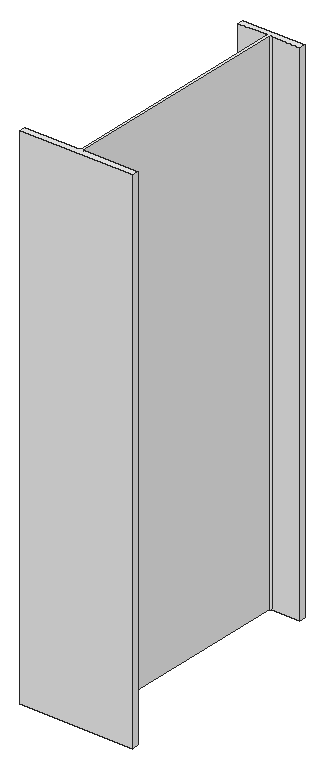
Revit family "WRF-용접 축소 플랜지-기둥", category 구조 기둥, Revit 2026
Family settings
  단면 모양 = 정의되지 않음
  모델 동작 재료 = 스틸
  항상 형상으로 내보내기 = 아니오
  평면의 보 전환 = 경계 상자에서
  로드될 때 보이드를 사용하여 절단 = 아니오
  기호 표현 = 프로젝트 설정에서
  공유 = 아니오
  평면도에서 미리 절단된 패밀리 표시 = 예
Parameters (values of type "WRF1200x309")
  Structural Material [instance] = 금속 - 스틸 - 345 MPa
  kr = k - (tw / 2)  # 8 mm
  bf_t = 300 mm
  Assembly Code = ""
  A = 0.0393 m²
  W = 3.03
  bf_b = 550 mm
  d = 1200 mm
  k = 14 mm
  tf = 30 mm
  tw = 12 mm
Reference planes
  plane 1: y = 0
  plane 2: z = 0
  plane 3: x = 0
  plane 4: x = -275
  plane 5: x = 275
  plane 6: y = 600
  plane 7: y = -600
  plane 8: x = -3.969
  plane 9: x = 3.969
  plane 10: x = -150
  plane 11: x = 150
Forms (mm)
  Extrusion 1, solid, material "금속 - 스틸 - 345 MPa" <- "Structural Material", detail levels medium
    sketch origin (0, 0, 0) x (1, 0, 0) y (0, 1, 0)
      loop
        line (-150, 600) -> (-150, 570) -> (-6, 570) -> (-6, -570) -> (-275, -570) -> (-275, -600) -> (275, -600) -> (275, -570) -> (6, -570) -> (6, 570) -> (150, 570) -> (150, 600) -> (-150, 600)
    from 0 to 2500
  Extrusion 2, solid, material "금속 - 스틸 - 345 MPa" <- "Structural Material", detail levels fine
    sketch origin (0, 0, 0) x (1, 0, 0) y (0, 1, 0)
      loop
        line (-150, 600) -> (-150, 570) -> (-14, 570)
        arc (-14, 570) -> (-8.343, 567.657) -> (-6, 562) r 8
        line (-6, 562) -> (-6, -562)
        arc (-6, -562) -> (-8.343, -567.657) -> (-14, -570) r 8
        line (-14, -570) -> (-275, -570) -> (-275, -600) -> (275, -600) -> (275, -570) -> (14, -570)
        arc (14, -570) -> (8.343, -567.657) -> (6, -562) r 8
        line (6, -562) -> (6, 562)
        arc (6, 562) -> (8.343, 567.657) -> (14, 570) r 8
        line (14, 570) -> (150, 570) -> (150, 600) -> (-150, 600)
    from 0 to 2500
Lines and regions (mm)
  symbolic lines, style "StructuralColumnStickSymbols", detail levels coarse
    curve 1: line (-150, 600, 0) -> (150, 600, 0)
    curve 2: line (-275, -600, 0) -> (275, -600, 0)
    curve 3: line (0, 600, 0) -> (0, -600, 0)
  symbolic lines, style "숨겨진 면", detail levels medium+fine
    curve 4: line (-3.969, 0, 0) -> (-3.969, 0, 2500)
    curve 5: line (3.969, 0, 2500) -> (3.969, 0, 0)
Dimensions and locks
  equal spacing: plane 4, plane 3, plane 5
  equal spacing: plane 7, plane 1, plane 6
  "d": plane 7 to plane 6
  "bf_b": plane 4 to plane 5
  "tf": plane 7 to Extrusion 1 sketch curve
  "tf": Extrusion 1 sketch curve to plane 6
  equal spacing: Extrusion 1 sketch curve, plane 3, Extrusion 1 sketch curve
  "tw": Extrusion 1 sketch curve to Extrusion 1 sketch curve
  "bf_t": plane 10 to plane 11
  equal spacing: plane 10, plane 3, plane 11
  "kr": radius of Extrusion 2 sketch curve  (x4)
  aligned and locked: plane 6 to Extrusion 1 sketch curve
  aligned and locked: Extrusion 1 sketch curve to plane 7
  aligned and locked: Extrusion 1 sketch curve to plane 4
  aligned and locked: plane 5 to Extrusion 1 sketch curve
  aligned and locked: Extrusion 1 sketch curve to Extrusion 1 sketch curve  (x2)
  aligned and locked: level to Extrusion 1
  aligned and locked: level to plane 2
  aligned and locked: Extrusion 1 to plane 2
  aligned and locked: plane 6 to Extrusion 2 sketch curve
  aligned and locked: Extrusion 2 sketch curve to Extrusion 1  (x6)
  aligned and locked: Extrusion 2 sketch curve to plane 7
  aligned and locked: plane 5 to Extrusion 2 sketch curve
  aligned and locked: Extrusion 2 sketch curve to plane 4
  aligned and locked: level to Extrusion 2
  aligned and locked: Extrusion 2 to level
  aligned and locked: Extrusion 2 sketch curve to plane 10
  aligned and locked: plane 11 to Extrusion 2 sketch curve
  aligned and locked: Extrusion 1 sketch curve to plane 10
  aligned and locked: plane 11 to Extrusion 1 sketch curve
  aligned and locked: plane 10 to curve 1
  aligned and locked: plane 11 to curve 1
Automatic sketch dimensions
  curve 4 to level = 0 mm  (x2)
  curve 4 to plane 8 = 0 mm
  curve 5 to level = 0 mm  (x2)
  curve 5 to plane 9 = 0 mm
  curve 2 to plane 4 = 0 mm
  curve 1 to plane 6 = 0 mm
  curve 3 to plane 3 = 0 mm
  curve 2 to plane 5 = 0 mm
  curve 2 to plane 7 = 0 mm
